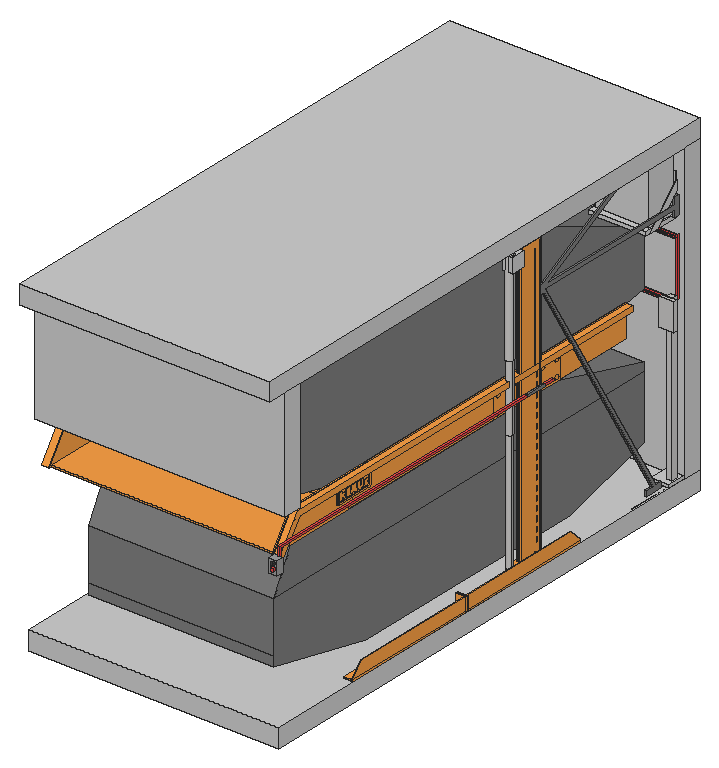
Revit family "CP612.6T (Family)", category Parking, Revit 2024
Family settings
  Work Plane-Based = No
  Always vertical = Yes
  Cut with Voids When Loaded = No
  Shared = No
Parameters (values of type "2500 x 2800")
  Website [instance] = "http://www.klausindia.com/"
  Upper Column Height = 1500 mm
  Total Height (H) = 3200 mm
  Platform Length 4755 [instance] = yes
  Platform Length 3755 [instance] = yes
  Parking Width (PW) = 2400 mm
  Model Height (DH) = 1600 mm
  Switch Arm [instance] = yes
  Hyd. Power Pack [instance] = yes
  Hyd Power Pack - RH [instance] = yes
  Hyd Power Pack - LH [instance] = yes
  Extension Foot Right Side [instance] = yes
  Extension Foot Left Side [instance] = yes
  Column Upper Bottom = 373.464 mm
  Column Support [instance] = yes
  Column Ht (A) = 3135 mm
  Civil [instance] = yes
  Check 2 [instance] = 2700 mm
  Check [instance] = 3000 mm
  Car [instance] = yes
Reference planes
  plane 1 "Center (Front/Back)": y = 0
  plane 2: z = 0
  plane 3 "Center (Left/Right)": x = 0
  plane 4: x = -1200
  plane 5: x = 1200
Forms (mm)
  Extrusion 1, solid, material "Concrete", visible <- "Civil"
    sketch origin (0, 0, 0) x (1, 0, 0) y (0, 1, 0)
      loop
        line (-1350, 2755.923) -> (-1350, -2931.077) -> (1350, -2931.077) -> (1350, 2755.923) -> (-1350, 2755.923)
    from -202 to 0
  Extrusion 2, solid, material "Parking Column", visible <- "Platform Length 4755"
    sketch origin (0, 0, 0) x (0, 1, 0) y (0, 0, 1)
      loop
        line (1937.923, 1575) -> (1937.923, 1600) -> (-2816.852, 1600) -> (-2816.852, 1575) -> (1937.923, 1575)
    from -1200 to 1200
  Extrusion 3, solid, material "Parking Column"
    sketch origin (-83.594, 420, 0) x (1, 0, 0) y (0, 1, 0)
      loop
        line (-1257, 722.923) -> (-1257, -808.077) -> (-1150, -808.077) -> (-1150, 722.923) -> (-1257, 722.923)
    from 0 to 14
  Extrusion 4, solid, material "Parking Column"
    sketch origin (-1340.594, -388.077, 0) x (0, 1, 0) y (0, 0, -1)
      loop
        line (1531, -14) -> (0, -14) -> (0, -152) -> (1416, -152) -> (1531, -37) -> (1531, -14)
    from -14 to 0
  Extrusion 5, solid, material "Parking Column"
    sketch origin (1345.75, -388.077, 0) x (0, -1, 0) y (0, 0, -1)
      loop
        line (0, -14) -> (-1531, -14) -> (-1531, -37) -> (-1416, -152) -> (0, -152) -> (0, -14)
    from -14 to 0
  Extrusion 6, solid, material "Parking Column", visible <- "Platform Length 4755"
    sketch origin (-1200, 0, 0) x (0, -1, 0) y (0, 0, 1)
      loop
        line (-1937.923, 1575) -> (2834.059, 1575) -> (2593.852, 1924) -> (2196.86, 1924) -> (-1937.923, 1924) -> (-1937.923, 1575)
    from 0 to 9.803
  Extrusion 7, solid, material "Parking Column", visible <- "Platform Length 4755"
    sketch origin (1200, 0, 0) x (0, 1, 0) y (0, 0, 1)
      loop
        line (1937.923, 1575) -> (1937.923, 1924) -> (-2593.852, 1924) -> (-2834.059, 1575) -> (1937.923, 1575)
    from 0 to 11
  Sweep 8, solid, material "Parking Column", visible <- "Platform Length 4755"
    path in 3D
      loop
        line (-1209.803, -2834.059, 1575) -> (-1209.803, -2593.852, 1924) -> (-1209.803, -2196.86, 1924) -> (-1209.803, 1937.923, 1924)
    profile origin (-1209.803, -129.469, 1924) x (-1, 0, 0) y (0, 0, 1)
      loop
        line (0, 0) -> (0, -10) -> (63, -10) -> (63, -25) -> (63, -60) -> (73, -60) -> (73, 0) -> (0, 0)
  Sweep 9, solid, material "Parking Column", visible <- "Platform Length 4755"
    path in 3D
      loop
        line (1211, 1937.923, 1924) -> (1211, -2593.852, 1924) -> (1211, -2834.059, 1575)
    profile origin (1211, -327.964, 1924) x (1, 0, 0) y (0, 0, 1)
      loop
        line (0, 0) -> (0, -10) -> (63, -10) -> (63, -20) -> (63, -60) -> (73, -60) -> (73, 0) -> (0, 0)
  Extrusion 10, solid, material "Parking Column"
    sketch origin (-83.594, 420, 0) x (1, 0, 0) y (0, 1, 0)
      loop
        line (-1243, -808.077) -> (-1150, -808.077) -> (-1150, -794.077) -> (-1243, -794.077) -> (-1243, -808.077)
    from 14 to 152
  Extrusion 11, solid, material "Parking Column"
    sketch origin (2074.75, 420, 0) x (1, 0, 0) y (0, 1, 0)
      loop
        line (-836, -808.077) -> (-729, -808.077) -> (-729, -794.077) -> (-836, -794.077) -> (-836, -808.077)
    from 10 to 152
  Extrusion 12, solid, material "Parking Column", visible <- "Extension Foot Left Side"
    sketch origin (-90.594, 420, 0) x (1, 0, 0) y (0, 1, 0)
      loop
        line (-1250, -808.077) -> (-1250, -2339.077) -> (-1150, -2339.077) -> (-1150, -808.077) -> (-1250, -808.077)
    from 0 to 14
  Extrusion 13, solid, material "Parking Column", visible <- "Extension Foot Right Side"
    sketch origin (2095.75, 420, 0) x (1, 0, 0) y (0, 1, 0)
      loop
        line (-850, -808.077) -> (-850, -2339.077) -> (-750, -2339.077) -> (-750, -808.077) -> (-850, -808.077)
    from 0 to 14
  Extrusion 14, solid, material "Parking Column", visible <- "Extension Foot Left Side"
    sketch origin (-83.594, 420, 0) x (1, 0, 0) y (0, 1, 0)
      loop
        line (-1150, -808.077) -> (-1243, -808.077) -> (-1243, -822.077) -> (-1150, -822.077) -> (-1150, -808.077)
    from 14 to 152
  Extrusion 15, solid, material "Parking Column", visible <- "Extension Foot Left Side"
    sketch origin (-1340.594, -1919.077, 0) x (0, 1, 0) y (0, 0, -1)
      loop
        line (1531, -14) -> (0, -14) -> (121, -152) -> (1531, -152) -> (1531, -14)
    from -14 to 0
  Extrusion 16, solid, material "Parking Column", visible <- "Extension Foot Right Side"
    sketch origin (2074.75, 420, 0) x (1, 0, 0) y (0, 1, 0)
      loop
        line (-729, -808.077) -> (-836, -808.077) -> (-836, -822.077) -> (-729, -822.077) -> (-729, -808.077)
    from 14 to 152
  Extrusion 17, solid, material "Parking Column", visible <- "Extension Foot Right Side"
    sketch origin (1345.75, -388.077, 0) x (0, -1, 0) y (0, 0, -1)
      loop
        line (14, -14) -> (14, -152) -> (1410, -152) -> (1531, -14) -> (14, -14)
    from -14 to 0
  Extrusion 18, solid, material "Parking Column"
    sketch origin (-1209.803, 838.278, 20) x (0, -1, 0) y (0, 0, 1)
      loop
        line (419.354, 1839) -> (419.354, 1565) -> (719.354, 1565) -> (719.354, 1575) -> (719.354, 1849) -> (419.354, 1849) -> (419.354, 1839)
      loop
        line (-186.906, 1839) -> (-186.906, 1565) -> (104.354, 1565) -> (104.354, 1575) -> (104.354, 1849) -> (-186.906, 1849) -> (-186.906, 1839)
    from 0 to 14.191
  Extrusion 19, solid, material "Parking Column"
    sketch origin (-1223.993, 838.278, 20) x (0, -1, 0) y (0, 0, 1)
      loop
        line (691.661, 1609.023) -> (685.684, 1631.33) -> (663.377, 1637.307) -> (647.047, 1620.977) -> (653.024, 1598.67) -> (675.332, 1592.693) -> (691.661, 1609.023)
      loop
        line (491.661, 1609.023) -> (485.684, 1631.33) -> (463.377, 1637.307) -> (447.047, 1620.977) -> (453.024, 1598.67) -> (475.332, 1592.693) -> (491.661, 1609.023)
      loop
        line (491.661, 1783.023) -> (485.684, 1805.33) -> (463.377, 1811.307) -> (447.047, 1794.977) -> (453.024, 1772.67) -> (475.332, 1766.693) -> (491.661, 1783.023)
      loop
        line (691.661, 1783.023) -> (685.684, 1805.33) -> (663.377, 1811.307) -> (647.047, 1794.977) -> (653.024, 1772.67) -> (675.332, 1766.693) -> (691.661, 1783.023)
      loop
        line (76.661, 1609.023) -> (70.684, 1631.33) -> (48.377, 1637.307) -> (32.047, 1620.977) -> (38.024, 1598.67) -> (60.332, 1592.693) -> (76.661, 1609.023)
      loop
        line (-123.339, 1609.023) -> (-129.316, 1631.33) -> (-151.623, 1637.307) -> (-167.953, 1620.977) -> (-161.976, 1598.67) -> (-139.668, 1592.693) -> (-123.339, 1609.023)
      loop
        line (-123.83, 1784.858) -> (-129.316, 1805.33) -> (-151.623, 1811.307) -> (-167.953, 1794.977) -> (-161.976, 1772.67) -> (-141.504, 1767.185) -> (-123.83, 1784.858)
      loop
        line (76.661, 1783.023) -> (70.684, 1805.33) -> (48.377, 1811.307) -> (32.047, 1794.977) -> (38.024, 1772.67) -> (60.332, 1766.693) -> (76.661, 1783.023)
    from 0 to 12.854
  Extrusion 20, solid, material "Steel Rod"
    sketch origin (745.625, 2545.544, 30) x (0, -1, 0) y (1, 0, 0)
      loop
        line (70, 548.82) -> (70, 518.82) -> (130, 518.82) -> (130, 578.82) -> (70, 578.82) -> (70, 548.82)
    from 0 to 1769.079
  Extrusion 21, solid, material "Steel Rod"
    sketch origin (1324.445, 2415.544, 30) x (-1, 0, 0) y (0, 0, -1)
      loop
        line (108.82, -1769.079) -> (108.82, -1469.079) -> (-51.232, -1469.079) -> (-51.232, -1769.079) -> (108.82, -1769.079)
    from 0 to 39.808
  Sweep 22, solid, material "Red Wire", visible <- "Switch Arm"
    path origin (1324.445, 2475.544, 30) x (0, -1, 0) y (0, 0, -1)
      loop
        line (1680, -1700) -> (5380, -1700) -> (5380, -1470)
    profile origin (1324.445, -1054.456, 1730) x (0, 0, -1) y (1, 0, 0)
      loop
        line (-10.607, 1.014) -> (9.393, 1.014) -> (9.393, 21.014) -> (-10.607, 21.014) -> (-10.607, 1.014)
  Extrusion 23, solid, material "Default", visible <- "Switch Arm"
    sketch origin (1325.46, -2915.062, 1783.107) x (0, 0, -1) y (1, 0, 0)
      loop
        line (283.107, -32.5) -> (283.107, 52.5) -> (133.107, 52.5) -> (133.107, -32.5) -> (283.107, -32.5)
    from 0 to 70.107
  Extrusion 24, solid, material "Parking Column", not visible
    sketch origin (42.5, 32.5, 0) x (1, 0, 0) y (0, 1, 0)
      loop
        line (1106.32, 2513.044) -> (906.32, 2513.044) -> (906.32, 2313.044) -> (1106.32, 2313.044) -> (1106.32, 2513.044)
    from 0 to 30
  Extrusion 25, solid, material "Steel Rod", not visible
    sketch origin (0, 0, 0) x (1, 0, 0) y (0, 1, 0)
      loop
        line (1048.82, 2475.544) -> (1018.82, 2475.544) -> (1018.82, 2415.544) -> (1078.82, 2415.544) -> (1078.82, 2475.544) -> (1048.82, 2475.544)
    from 30 to 1500
  Extrusion 26, solid, material "Steel Rod", not visible
    sketch origin (1078.82, 2415.544, 0) x (-1, 0, 0) y (0, 0, -1)
      loop
        line (108.82, -1500) -> (108.82, -1200) -> (-51.232, -1200) -> (-51.232, -1500) -> (108.82, -1500)
    from 0 to 39.808
  Sweep 27, solid, not visible
    path origin (1078.82, 2475.544, 0) x (0, -1, 0) y (0, 0, -1)
      loop
        line (30, -1500) -> (30, -1855) -> (5380, -1855) -> (5380, -1210)
    profile origin (1078.82, 2445.544, 1677.5) x (0, -1, 0) y (1, 0, 0)
      loop
        line (-10.607, -40.236) -> (9.393, -40.236) -> (9.393, -20.236) -> (-10.607, -20.236) -> (-10.607, -40.236)
  Extrusion 28, solid, material "Default", not visible
    sketch origin (1038.585, -2915.062, 1888.107) x (0, 0, -1) y (1, 0, 0)
      loop
        line (678.107, -90) -> (678.107, 110) -> (528.107, 110) -> (528.107, -90) -> (678.107, -90)
    from 0 to 43.931
  Extrusion 29, solid, material "Parking Column", not visible
    sketch origin (0, 0, 0) x (1, 0, 0) y (0, 1, 0)
      loop
        line (-1050, -808.077) -> (-1050, -2339.077) -> (-950, -2339.077) -> (-950, -808.077) -> (-1050, -808.077)
    from 0 to 14
  Extrusion 30, solid, material "Parking Column", not visible
    sketch origin (0, 0, 0) x (1, 0, 0) y (0, 1, 0)
      loop
        line (-950, -808.077) -> (-1036, -808.077) -> (-1036, -822.077) -> (-950, -822.077) -> (-950, -808.077)
    from 14 to 152
  Extrusion 31, solid, material "Parking Column", not visible
    sketch origin (-1050, -828.077, 0) x (0, 1, 0) y (0, 0, -1)
      loop
        line (20, -14) -> (-1511, -14) -> (-1390, -152) -> (20, -152) -> (20, -14)
    from -14 to 0
  Extrusion 32, solid, material "Parking Column", not visible
    sketch origin (1975, 0, 0) x (1, 0, 0) y (0, 1, 0)
      loop
        line (-1050, -808.077) -> (-1050, -2339.077) -> (-950, -2339.077) -> (-950, -808.077) -> (-1050, -808.077)
    from 0 to 14
  Extrusion 33, solid, material "Parking Column", not visible
    sketch origin (1961, 0, 0) x (1, 0, 0) y (0, 1, 0)
      loop
        line (-950, -808.077) -> (-1036, -808.077) -> (-1036, -822.077) -> (-950, -822.077) -> (-950, -808.077)
    from 14 to 152
  Extrusion 34, solid, material "Parking Column", not visible
    sketch origin (1025, -808.077, 0) x (0, -1, 0) y (0, 0, -1)
      loop
        line (14, -14) -> (14, -152) -> (1410, -152) -> (1531, -14) -> (14, -14)
    from -14 to 0
  Extrusion 35, solid, material "Parking Column"
    sketch origin (1211, 490, 0) x (0, 1, 0) y (0, 0, 1)
      loop
        line (-359.354, 1590) -> (-59.354, 1590) -> (-59.354, 1864) -> (-359.354, 1864) -> (-359.354, 1590)
      loop
        line (237.39, 1590) -> (528.651, 1590) -> (528.651, 1864) -> (237.39, 1864) -> (237.39, 1590)
    from 0 to 14
  Extrusion 36, solid, material "Parking Column"
    sketch origin (1225, 490, 0) x (0, 1, 0) y (0, 0, 1)
      loop
        line (-293.024, 1797.67) -> (-287.047, 1819.977) -> (-303.377, 1836.307) -> (-325.684, 1830.33) -> (-331.661, 1808.023) -> (-315.332, 1791.693) -> (-293.024, 1797.67)
      loop
        line (-87.047, 1808.023) -> (-93.024, 1830.33) -> (-115.332, 1836.307) -> (-131.661, 1819.977) -> (-125.684, 1797.67) -> (-103.377, 1791.693) -> (-87.047, 1808.023)
      loop
        line (-287.047, 1634.023) -> (-293.024, 1656.33) -> (-315.332, 1662.307) -> (-331.661, 1645.977) -> (-325.684, 1623.67) -> (-303.377, 1617.693) -> (-287.047, 1634.023)
      loop
        line (-89.354, 1628.453) -> (-89.354, 1651.547) -> (-109.354, 1663.094) -> (-129.354, 1651.547) -> (-129.354, 1628.453) -> (-109.354, 1616.906) -> (-89.354, 1628.453)
      loop
        line (309.698, 1808.023) -> (303.72, 1830.33) -> (281.413, 1836.307) -> (265.083, 1819.977) -> (271.061, 1797.67) -> (293.368, 1791.693) -> (309.698, 1808.023)
      loop
        line (500.958, 1808.023) -> (494.981, 1830.33) -> (472.673, 1836.307) -> (456.343, 1819.977) -> (462.321, 1797.67) -> (484.628, 1791.693) -> (500.958, 1808.023)
      loop
        line (500.958, 1634.023) -> (494.981, 1656.33) -> (472.673, 1662.307) -> (456.343, 1645.977) -> (462.321, 1623.67) -> (484.628, 1617.693) -> (500.958, 1634.023)
      loop
        line (309.698, 1634.023) -> (303.72, 1656.33) -> (281.413, 1662.307) -> (265.083, 1645.977) -> (271.061, 1623.67) -> (293.368, 1617.693) -> (309.698, 1634.023)
    from 0 to 14
  Extrusion 37, solid, material "Red", visible <- "Switch Arm"
    sketch origin (1325.46, -2985.169, 1783.107) x (0, 0, -1) y (1, 0, 0)
      loop
        circle (228.107, 10) r 20
    from 0 to 14
  Extrusion 38, solid, material "Black", visible <- "Switch Arm"
    sketch origin (1325.46, -2985.169, 1783.107) x (0, 0, -1) y (1, 0, 0)
      loop
        circle (173.107, 10) r 15
    from 0 to 14
  Extrusion 39, solid, material "Concrete", visible <- "Civil"
    sketch origin (0, 0, 0) x (1, 0, 0) y (0, 1, 0)
      loop
        line (-1350, 2755.923) -> (-1350, 2553.923) -> (1350, 2553.923) -> (1350, 2755.923) -> (-1350, 2755.923)
    from 0 to 3200 <- "Total Height (H)"
  Extrusion 40, solid, material "Concrete", visible <- "Civil"
    sketch origin (0, 0, 3200) x (1, 0, 0) y (0, 1, 0)
      loop
        line (-1350, 2755.923) -> (-1350, -3047.79) -> (1350, -3047.79) -> (1350, 2755.923) -> (-1350, 2755.923)
    from 0 to 202
  Sweep 41, solid, material "Grey Car", visible <- "Car"
    path origin (0, 0, 0) x (1, 0, 0) y (0, 1, 0)
      loop
        line (987.5, 22.923) -> (-1012.5, 22.923)
    profile origin (-12.5, 22.923, 0) x (0, -1, 0) y (0, 0, 1)
      loop
        line (-2431, 267.949) -> (-1431, 0) -> (1319, 0) -> (2569, 288.585) -> (2569, 950) -> (-2431, 950) -> (-2431, 267.949)
  Sweep 42, solid, material "Grey Car", visible <- "Car"
    path origin (0, -2363.791, 1600) x (0, 1, 0) y (-1, 0, 0)
      loop
        line (2363.791, 1012.5) -> (2363.791, -987.5)
    profile origin (-12.5, 0, 1600) x (0, 1, 0) y (0, 0, 1)
      loop
        line (-1296.077, 0) -> (1503.923, 0) -> (2453.923, 160) -> (2453.923, 760) -> (753.923, 1500) -> (-1546.077, 1500) -> (-2146.077, 1400) -> (-2546.077, 920) -> (-2546.077, 900) -> (-2546.077, 288.585) -> (-1296.077, 0)
  Sweep 43, solid, material "Grey Car", visible <- "Car"
    path origin (0, -2363.791, 1600) x (0, 1, 0) y (-1, 0, 0)
      loop
        line (2363.791, 1012.5) -> (2363.791, -987.5)
    profile origin (-12.5, 0, 1600) x (0, 1, 0) y (0, 0, 1)
      loop
        line (2453.923, -1200) -> (2453.923, -550) -> (853.923, -100) -> (-2246.077, -100) -> (-2546.077, -650) -> (-2546.077, -1200) -> (2453.923, -1200)
  Extrusion 44, solid, material "Parking Column", not visible
    sketch origin (0, 0, 0) x (1, 0, 0) y (0, 1, 0)
      loop
        line (-1200, 443.923) -> (-1286, 443.923) -> (-1286, 264.923) -> (-1200, 264.923) -> (-1200, 443.923)
      loop
        line (1261, 443.923) -> (1175, 443.923) -> (1175, 264.923) -> (1261, 264.923) -> (1261, 443.923)
    from 14 to 98
  Extrusion 45, solid, material "Steel Rod", not visible
    sketch origin (0, 0, 0) x (1, 0, 0) y (0, 1, 0)
      loop
        circle (-1243.066, 398.39) r 43
    from 2124 to 3135 <- "Column Ht (A)"
  Extrusion 46, solid, material "Steel Rod", not visible
    sketch origin (1961, 0, 0) x (1, 0, 0) y (0, 1, 0)
      loop
        circle (-743.066, 398.39) r 43
    from 2124 to 3135 <- "Column Ht (A)"
  Extrusion 47, solid, material "Parking Column", not visible
    sketch origin (0, 0, 0) x (1, 0, 0) y (0, 1, 0)
      loop
        line (-1286, 264.923) -> (-1286, 62.923) -> (-1220, 62.923) -> (-1220, 42.923) -> (-1200, 42.923) -> (-1200, 62.923) -> (-1200, 264.923) -> (-1200, 284.923) -> (-1220, 284.923) -> (-1220, 264.923) -> (-1286, 264.923)
      loop
        line (1261, 264.923) -> (1195, 264.923) -> (1195, 284.923) -> (1175, 284.923) -> (1175, 264.923) -> (1175, 62.923) -> (1175, 42.923) -> (1195, 42.923) -> (1195, 62.923) -> (1261, 62.923) -> (1261, 264.923)
    from 14 to 3600
  Extrusion 48, solid, material "Steel Rod", not visible
    sketch origin (0, 0, 0) x (1, 0, 0) y (0, 1, 0)
      loop
        circle (-1243.066, 398.39) r 35.5
    from 1399 to 2124
  Extrusion 49, solid, material "Steel Rod", not visible
    sketch origin (1961, 0, 0) x (1, 0, 0) y (0, 1, 0)
      loop
        circle (-743.066, 398.39) r 35.5
    from 1399 to 2124
  Extrusion 50, solid, material "Steel Rod", not visible
    sketch origin (0, 0, 0) x (1, 0, 0) y (0, 1, 0)
      loop
        circle (-1243.066, 398.39) r 28
    from 98 to 1399
  Extrusion 51, solid, material "Steel Rod", not visible
    sketch origin (1961, 0, 0) x (1, 0, 0) y (0, 1, 0)
      loop
        circle (-743.066, 398.39) r 28
    from 98 to 1399
  Extrusion 52, solid, material "Parking Column", not visible
    sketch origin (-1250, 0, 0) x (0, -1, 0) y (0, 0, 1)
      loop
        line (433.354, 2364) -> (433.354, 2090) -> (733.354, 2090) -> (733.354, 2100) -> (733.354, 2374) -> (433.354, 2374) -> (433.354, 2364)
      loop
        line (-82.906, 2364) -> (-82.906, 2090) -> (208.354, 2090) -> (208.354, 2100) -> (208.354, 2374) -> (-82.906, 2374) -> (-82.906, 2364)
    from 0 to 14.191
  Extrusion 53, solid, material "Parking Column", not visible
    sketch origin (-1264.191, 0, 0) x (0, -1, 0) y (0, 0, 1)
      loop
        line (705.661, 2134.023) -> (699.684, 2156.33) -> (677.377, 2162.307) -> (661.047, 2145.977) -> (667.024, 2123.67) -> (689.332, 2117.693) -> (705.661, 2134.023)
      loop
        line (505.661, 2134.023) -> (499.684, 2156.33) -> (477.377, 2162.307) -> (461.047, 2145.977) -> (467.024, 2123.67) -> (489.332, 2117.693) -> (505.661, 2134.023)
      loop
        line (505.661, 2308.023) -> (499.684, 2330.33) -> (477.377, 2336.307) -> (461.047, 2319.977) -> (467.024, 2297.67) -> (489.332, 2291.693) -> (505.661, 2308.023)
      loop
        line (705.661, 2308.023) -> (699.684, 2330.33) -> (677.377, 2336.307) -> (661.047, 2319.977) -> (667.024, 2297.67) -> (689.332, 2291.693) -> (705.661, 2308.023)
      loop
        line (180.661, 2134.023) -> (174.684, 2156.33) -> (152.377, 2162.307) -> (136.047, 2145.977) -> (142.024, 2123.67) -> (164.332, 2117.693) -> (180.661, 2134.023)
      loop
        line (-19.339, 2134.023) -> (-25.316, 2156.33) -> (-47.623, 2162.307) -> (-63.953, 2145.977) -> (-57.976, 2123.67) -> (-35.668, 2117.693) -> (-19.339, 2134.023)
      loop
        line (-19.339, 2308.023) -> (-25.316, 2330.33) -> (-47.623, 2336.307) -> (-63.953, 2319.977) -> (-57.976, 2297.67) -> (-35.668, 2291.693) -> (-19.339, 2308.023)
      loop
        line (180.661, 2308.023) -> (174.684, 2330.33) -> (152.377, 2336.307) -> (136.047, 2319.977) -> (142.024, 2297.67) -> (164.332, 2291.693) -> (180.661, 2308.023)
    from 0 to 12.854
  Extrusion 54, solid, material "Parking Column", not visible
    sketch origin (1250, 0, 0) x (0, 1, 0) y (0, 0, 1)
      loop
        line (-733.354, 2090) -> (-433.354, 2090) -> (-433.354, 2364) -> (-733.354, 2364) -> (-733.354, 2090)
      loop
        line (-208.354, 2090) -> (82.906, 2090) -> (82.906, 2364) -> (-208.354, 2364) -> (-208.354, 2090)
    from 0 to 14
  Extrusion 55, solid, material "Parking Column", not visible
    sketch origin (1264, 0, 0) x (0, 1, 0) y (0, 0, 1)
      loop
        line (-667.024, 2297.67) -> (-661.047, 2319.977) -> (-677.377, 2336.307) -> (-699.684, 2330.33) -> (-705.661, 2308.023) -> (-689.332, 2291.693) -> (-667.024, 2297.67)
      loop
        line (-461.047, 2308.023) -> (-467.024, 2330.33) -> (-489.332, 2336.307) -> (-505.661, 2319.977) -> (-499.684, 2297.67) -> (-477.377, 2291.693) -> (-461.047, 2308.023)
      loop
        line (-661.047, 2134.023) -> (-667.024, 2156.33) -> (-689.332, 2162.307) -> (-705.661, 2145.977) -> (-699.684, 2123.67) -> (-677.377, 2117.693) -> (-661.047, 2134.023)
      loop
        line (-463.354, 2128.453) -> (-463.354, 2151.547) -> (-483.354, 2163.094) -> (-503.354, 2151.547) -> (-503.354, 2128.453) -> (-483.354, 2116.906) -> (-463.354, 2128.453)
      loop
        line (-136.047, 2308.023) -> (-142.024, 2330.33) -> (-164.332, 2336.307) -> (-180.661, 2319.977) -> (-174.684, 2297.67) -> (-152.377, 2291.693) -> (-136.047, 2308.023)
      loop
        line (55.213, 2308.023) -> (49.236, 2330.33) -> (26.929, 2336.307) -> (10.599, 2319.977) -> (16.576, 2297.67) -> (38.883, 2291.693) -> (55.213, 2308.023)
      loop
        line (55.213, 2134.023) -> (49.236, 2156.33) -> (26.929, 2162.307) -> (10.599, 2145.977) -> (16.576, 2123.67) -> (38.883, 2117.693) -> (55.213, 2134.023)
      loop
        line (-136.047, 2134.023) -> (-142.024, 2156.33) -> (-164.332, 2162.307) -> (-180.661, 2145.977) -> (-174.684, 2123.67) -> (-152.377, 2117.693) -> (-136.047, 2134.023)
    from 0 to 14
  Extrusion 56, solid, material "Parking Column", not visible
    sketch origin (0, 0, 3600) x (1, 0, 0) y (0, 1, 0)
      loop
        line (-1228, 275.923) -> (-1228, 295.923) -> (-1193, 295.923) -> (-1193, 32.923) -> (-1208, 32.923) -> (-1228, 32.923) -> (-1228, 52.923) -> (-1238, 52.923) -> (-1238, 22.923) -> (-1183, 22.923) -> (-1183, 305.923) -> (-1238, 305.923) -> (-1238, 275.923) -> (-1228, 275.923)
      loop
        line (1203, 295.923) -> (1203, 275.923) -> (1213, 275.923) -> (1213, 305.923) -> (1158, 305.923) -> (1158, 22.923) -> (1213, 22.923) -> (1213, 52.923) -> (1203, 52.923) -> (1203, 32.923) -> (1183, 32.923) -> (1168, 32.923) -> (1168, 295.923) -> (1203, 295.923)
    from -1302.536 to 0
  Extrusion 57, solid, material "Concrete", not visible
    sketch origin (0, 0, 3600) x (1, 0, 0) y (0, 1, 0)
      loop
        line (-1183, 284.923) -> (-1183, 443.923) -> (-1286, 443.923) -> (-1286, 284.923) -> (-1183, 284.923)
      loop
        line (1158, 443.923) -> (1158, 284.923) -> (1263.125, 284.923) -> (1263.125, 443.923) -> (1158, 443.923)
    from 0 to -152
  Extrusion 58, solid, material "Parking Column", visible <- "Platform Length 4755"
    sketch origin (-1209.803, 0, 0) x (0, -1, 0) y (0, 0, 1)
      loop
        line (1550.518, 1775.091) -> (1550.891, 1694.901) -> (1581.838, 1694.901) -> (1581.838, 1749.362) -> (1610.196, 1694.901) -> (1647.845, 1694.901) -> (1615.034, 1733.678) -> (1633.266, 1775.091) -> (1610.279, 1775.091) -> (1581.838, 1754.209) -> (1581.838, 1775.091) -> (1550.518, 1775.091)
      loop
        line (1656.483, 1694.723) -> (1698.726, 1694.723) -> (1700.799, 1707.581) -> (1687.374, 1707.96) -> (1690.986, 1775.091) -> (1653.096, 1775.091) -> (1656.483, 1694.723)
      loop
        line (1708.267, 1694.723) -> (1723.446, 1694.723) -> (1730.27, 1707.96) -> (1755.629, 1707.96) -> (1761.099, 1694.723) -> (1788.911, 1694.723) -> (1776.188, 1775.091) -> (1723.923, 1775.091) -> (1708.267, 1694.723)
      loop
        line (1743.695, 1732.563) -> (1734.43, 1717.517) -> (1751.761, 1717.517) -> (1743.695, 1732.563)
      loop
        line (1798.613, 1775.091) -> (1799.603, 1764.85) -> (1801.506, 1728.557) -> (1805.337, 1716.802) -> (1813.653, 1703.796) -> (1825.229, 1695.858) -> (1834.036, 1695.185) -> (1841.873, 1696.72) -> (1851.346, 1702.356) -> (1860.82, 1713.932) -> (1873.655, 1775.091) -> (1855.458, 1775.091) -> (1853.342, 1767.818) -> (1851.499, 1736.647) -> (1849.905, 1731.469) -> (1848.537, 1727.18) -> (1847.372, 1723.672) -> (1846.386, 1720.84) -> (1845.557, 1718.576) -> (1844.859, 1716.775) -> (1844.272, 1715.341) -> (1843.782, 1714.218) -> (1843.404, 1713.425)
        arc (1843.404, 1713.425) -> (1838.167, 1709.522) -> (1832.93, 1713.425) r 5.465
        line (1832.93, 1713.425) -> (1832.453, 1716.529) -> (1830.979, 1775.091) -> (1798.613, 1775.091)
      loop
        line (1937.938, 1775.091) -> (1899.553, 1775.091)
        arc (1899.553, 1775.091) -> (1877.963, 1758.163) -> (1889.251, 1733.159) r 22.231
        line (1889.251, 1733.159) -> (1900.294, 1711.825)
        arc (1900.294, 1711.825) -> (1900.196, 1708.985) -> (1897.718, 1707.592) r 2.9
        line (1897.718, 1707.592) -> (1876.067, 1707.592) -> (1876.453, 1697.141) -> (1876.543, 1694.723) -> (1912.955, 1694.723)
        arc (1912.955, 1694.723) -> (1928.923, 1703.823) -> (1929.232, 1722.2) r 18.559
        line (1929.232, 1722.2) -> (1921.821, 1735.725)
        arc (1921.821, 1735.725) -> (1909.663, 1751.537) -> (1924.364, 1765.018) r 14.757
        line (1924.364, 1765.018) -> (1937.244, 1765.018) -> (1937.938, 1775.091)
      loop
        line (1944.683, 1798.632) -> (1551.994, 1798.632)
        arc (1551.994, 1798.632) -> (1538.87, 1793.196) -> (1533.434, 1780.072) r 18.559
        line (1533.434, 1780.072) -> (1533.434, 1690.582)
        arc (1533.434, 1690.582) -> (1538.87, 1677.458) -> (1551.994, 1672.022) r 18.559
        line (1551.994, 1672.022) -> (1944.683, 1672.022)
        arc (1944.683, 1672.022) -> (1957.806, 1677.458) -> (1963.242, 1690.582) r 18.559
        line (1963.242, 1690.582) -> (1963.242, 1780.072)
        arc (1963.242, 1780.072) -> (1957.806, 1793.196) -> (1944.683, 1798.632) r 18.559
      loop
        arc (1551.994, 1808.632) -> (1531.799, 1800.267) -> (1523.434, 1780.072) r 28.559
        line (1523.434, 1780.072) -> (1523.434, 1690.582)
        arc (1523.434, 1690.582) -> (1531.799, 1670.387) -> (1551.994, 1662.022) r 28.559
        line (1551.994, 1662.022) -> (1944.683, 1662.022)
        arc (1944.683, 1662.022) -> (1964.878, 1670.387) -> (1973.242, 1690.582) r 28.559
        line (1973.242, 1690.582) -> (1973.242, 1780.072)
        arc (1973.242, 1780.072) -> (1964.878, 1800.267) -> (1944.683, 1808.632) r 28.559
        line (1944.683, 1808.632) -> (1551.994, 1808.632)
    from 0 to 20
  Extrusion 59, solid, material "Parking Column", visible <- "Platform Length 4755"
    sketch origin (1211, 0, 37.5) x (0, 1, 0) y (0, 0, 1)
      loop
        line (-1566.563, 1786.135) -> (-1959.252, 1786.135)
        arc (-1959.252, 1786.135) -> (-1972.376, 1780.699) -> (-1977.811, 1767.575) r 18.559
        line (-1977.811, 1767.575) -> (-1977.811, 1678.084)
        arc (-1977.811, 1678.084) -> (-1972.376, 1664.961) -> (-1959.252, 1659.525) r 18.559
        line (-1959.252, 1659.525) -> (-1566.563, 1659.525)
        arc (-1566.563, 1659.525) -> (-1553.439, 1664.961) -> (-1548.003, 1678.084) r 18.559
        line (-1548.003, 1678.084) -> (-1548.003, 1767.575)
        arc (-1548.003, 1767.575) -> (-1553.439, 1780.699) -> (-1566.563, 1786.135) r 18.559
      loop
        line (-1960.728, 1762.593) -> (-1960.355, 1682.404) -> (-1929.408, 1682.404) -> (-1929.408, 1736.865) -> (-1901.049, 1682.404) -> (-1863.401, 1682.404) -> (-1896.211, 1721.18) -> (-1877.98, 1737.593) -> (-1900.967, 1737.593) -> (-1929.408, 1741.712) -> (-1929.408, 1762.593) -> (-1960.728, 1762.593)
      loop
        line (-1854.762, 1682.225) -> (-1812.519, 1682.225) -> (-1810.447, 1695.084) -> (-1823.871, 1695.463) -> (-1820.26, 1762.593) -> (-1858.149, 1762.593) -> (-1854.762, 1682.225)
      loop
        line (-1802.979, 1682.225) -> (-1787.799, 1682.225) -> (-1780.976, 1695.463) -> (-1755.616, 1695.463) -> (-1750.146, 1682.225) -> (-1722.335, 1682.225) -> (-1735.058, 1762.593) -> (-1787.322, 1762.593) -> (-1802.979, 1682.225)
      loop
        line (-1767.551, 1720.066) -> (-1776.816, 1705.02) -> (-1759.485, 1705.02) -> (-1767.551, 1720.066)
      loop
        line (-1712.633, 1762.593) -> (-1711.643, 1727.352) -> (-1709.74, 1716.06) -> (-1705.908, 1704.305) -> (-1697.593, 1691.299) -> (-1686.017, 1683.361) -> (-1677.209, 1682.688) -> (-1669.373, 1684.223) -> (-1659.899, 1689.859) -> (-1650.426, 1701.435) -> (-1637.59, 1762.593) -> (-1655.788, 1762.593) -> (-1657.904, 1730.321) -> (-1659.747, 1724.149) -> (-1661.341, 1718.972) -> (-1662.708, 1714.683) -> (-1663.873, 1711.175) -> (-1664.859, 1708.342) -> (-1665.689, 1706.079) -> (-1666.387, 1704.278) -> (-1666.973, 1702.844) -> (-1667.464, 1701.721) -> (-1667.842, 1700.928)
        arc (-1667.842, 1700.928) -> (-1673.078, 1697.091) -> (-1678.315, 1700.928) r 5.492
        line (-1678.315, 1700.928) -> (-1678.793, 1704.032) -> (-1680.267, 1762.593) -> (-1712.633, 1762.593)
      loop
        line (-1573.308, 1737.593) -> (-1611.693, 1737.593)
        arc (-1611.693, 1737.593) -> (-1621.603, 1732.023) -> (-1621.995, 1720.661) r 11.6
        line (-1621.995, 1720.661) -> (-1610.952, 1699.328)
        arc (-1610.952, 1699.328) -> (-1611.05, 1696.487) -> (-1613.527, 1695.095) r 2.9
        line (-1613.527, 1695.095) -> (-1635.179, 1695.095) -> (-1634.793, 1684.644) -> (-1634.703, 1682.225) -> (-1598.291, 1682.225)
        arc (-1598.291, 1682.225) -> (-1582.322, 1691.326) -> (-1582.014, 1709.703) r 18.559
        line (-1582.014, 1709.703) -> (-1589.424, 1723.227)
        arc (-1589.424, 1723.227) -> (-1589.376, 1726.099) -> (-1586.881, 1727.521) r 2.9
        line (-1586.881, 1727.521) -> (-1574.002, 1727.521) -> (-1573.308, 1737.593)
      loop
        arc (-1959.252, 1796.135) -> (-1979.447, 1787.77) -> (-1987.811, 1767.575) r 28.559
        line (-1987.811, 1767.575) -> (-1987.811, 1678.084)
        arc (-1987.811, 1678.084) -> (-1979.447, 1657.89) -> (-1959.252, 1649.525) r 28.559
        line (-1959.252, 1649.525) -> (-1566.563, 1649.525)
        arc (-1566.563, 1649.525) -> (-1546.368, 1657.89) -> (-1538.003, 1678.084) r 28.559
        line (-1538.003, 1678.084) -> (-1538.003, 1767.575)
        arc (-1538.003, 1767.575) -> (-1546.368, 1787.77) -> (-1566.563, 1796.135) r 28.559
        line (-1566.563, 1796.135) -> (-1959.252, 1796.135)
    from 0 to 20
  Extrusion 60, solid, material "Concrete", visible <- "Civil"
    sketch origin (0, 199.714, 3200) x (0, 1, 0) y (1, 0, 0)
      loop
        line (-3047.79, -1350) -> (-2845.79, -1350) -> (-2845.79, 1350) -> (-3047.79, 1350) -> (-3047.79, -1350)
    from 0 to 1200
  Extrusion 61, solid, material "Concrete"
    sketch origin (1350, 2755.923, 0) x (0, -1, 0) y (0, 0, -1)
      loop
        line (410.379, -30) -> (410.379, 0) -> (210.379, 0) -> (210.379, -30) -> (410.379, -30)
    from 0 to -200
  Extrusion 62, solid, material "Parking Column"
    sketch origin (2486.25, 420, 0) x (1, 0, 0) y (0, 1, 0)
      loop
        line (-1250, 722.923) -> (-1250, -808.077) -> (-1140.5, -808.077) -> (-1140.5, 722.923) -> (-1250, 722.923)
    from 0 to 14
  Extrusion 63, solid, material "Concrete"
    sketch origin (-1350, 2553.923, -29.843) x (1, 0, 0) y (0, 0, 1)
      loop
        line (1990, 2979.843) -> (1990, 2569.843) -> (2065, 2569.843) -> (2065, 2979.843) -> (1990, 2979.843)
      loop
        line (2611, 2979.843) -> (2536, 2979.843) -> (2536, 2569.843) -> (2611, 2569.843) -> (2611, 2979.843)
    from 0 to 8
  Extrusion 64, solid, material "Concrete"
    sketch origin (-1350, 2545.923, -29.843) x (1, 0, 0) y (0, 0, 1)
      loop
        line (1990, 2529.843) -> (2611, 2529.843) -> (2611, 2569.843) -> (1990, 2569.843) -> (1990, 2529.843)
    from 0 to 404
  Extrusion 65, solid, material "Concrete"
    sketch origin (640, 2545.923, 2540) x (0, 0, -1) y (0, -1, 0)
      loop
        line (40, 248) -> (40, 354) -> (-322, -8) -> (-216, -8) -> (40, 248)
    from 0 to 8
  Extrusion 66, solid, material "Concrete"
    sketch origin (1261, 2545.923, 2500) x (0, 0, 1) y (0, -1, 0)
      loop
        line (0, 354) -> (0, 248) -> (256, -8) -> (362, -8) -> (0, 354)
    from 0 to 8
  Extrusion 67, solid, material "Concrete", visible <- "Hyd. Power Pack"
    sketch origin (1261, 2545.923, 2540) x (-1, 0, 0) y (0, -1, 0)
      loop
        line (598, 13) -> (598, 335) -> (18, 335) -> (18, 13) -> (598, 13)
    from 0 to 584
  Extrusion 68, solid, material "Red Wire", visible <- "Hyd Power Pack - LH"
    sketch origin (-1350, 2553.923, 0) x (1, 0, 0) y (0, 0, 1)
      loop
        line (2605, 1665) -> (2605, 1680) -> (0, 1680) -> (0, 1665) -> (2605, 1665)
      loop
        line (2605, 1700) -> (2605, 1715) -> (0, 1715) -> (0, 1700) -> (2605, 1700)
    from 0 to 15
  Extrusion 69, solid, material "Red Wire", visible <- "Hyd Power Pack - RH"
    sketch origin (-1350, 2553.923, 0) x (1, 0, 0) y (0, 0, 1)
      loop
        line (2300.5, 2500) -> (2300.5, 2300) -> (2620.5, 2300) -> (2620.5, 1715) -> (2635.5, 1715) -> (2635.5, 2345) -> (2370.5, 2345) -> (2370.5, 2500) -> (2355.5, 2500) -> (2355.5, 2330) -> (2620.5, 2330) -> (2620.5, 2315) -> (2315.5, 2315) -> (2315.5, 2500) -> (2300.5, 2500)
    from 0 to 15
  Extrusion 70, solid, material "Concrete"
    sketch origin (0, 0, 0) x (1, 0, 0) y (0, 1, 0)
      loop
        line (1286.002, 2327.499) -> (1286.002, 1874.443) -> (1324.906, 1874.443) -> (1324.906, 2327.499) -> (1286.002, 2327.499)
    from -22.802 to -3.318
  Extrusion 71, solid, material "Air"
    sketch origin (1324.906, 2747.499, 0) x (0, -1, 0) y (0, 0, -1)
      loop
        line (633.576, 0) -> (433.576, 0) -> (433.576, -53.318) -> (507.211, -53.318) -> (2002.761, -2610.618) -> (248.576, -2610.618) -> (248.576, -2530.618) -> (193.576, -2530.618) -> (193.576, -2730.618) -> (248.576, -2730.618) -> (248.576, -2650.618) -> (1978.994, -2650.618) -> (1031.677, -3141.682) -> (925.576, -3141.682) -> (925.576, -3196.682) -> (1125.576, -3196.682) -> (1125.576, -3141.682) -> (1118.593, -3141.682) -> (2019.733, -2674.555) -> (2068.576, -2674.555) -> (2068.576, -2586.682) -> (2025.03, -2586.682) -> (547.211, -53.318) -> (633.576, -53.318) -> (633.576, 0)
    from -55 to -36
  Extrusion 72, solid, material "Concrete"
    sketch origin (0, 0, 0) x (-1, 0, 0) y (0, -1, 0)
      loop
        line (1286.002, -2327.499) -> (1324.906, -2327.499) -> (1324.906, -1874.443) -> (1286.002, -1874.443) -> (1286.002, -2327.499)
    from -19 to -1.682
  Extrusion 73, solid, material "Air"
    sketch origin (-1324.906, 2747.499, 0) x (0, -1, 0) y (0, 0, 1)
      loop
        line (633.576, -1.682) -> (633.576, 53.318) -> (547.211, 53.318) -> (2025.03, 2588.318) -> (2068.576, 2588.318) -> (2068.576, 2676.192) -> (2019.733, 2676.192) -> (1118.593, 3143.318) -> (1125.576, 3143.318) -> (1125.576, 3198.318) -> (925.576, 3198.318) -> (925.576, 3143.318) -> (1031.677, 3143.318) -> (1978.994, 2652.255) -> (248.576, 2652.255) -> (248.576, 2732.255) -> (193.576, 2732.255) -> (193.576, 2532.255) -> (248.576, 2532.255) -> (248.576, 2612.255) -> (2002.761, 2612.255) -> (507.211, 53.318) -> (433.576, 53.318) -> (433.576, -1.682) -> (633.576, -1.682)
    from -55 to -36
  Extrusion 74, solid, material "Parking Column", visible <- "Platform Length 3755"
    sketch origin (0, 0, 0) x (0, 1, 0) y (0, 0, 1)
      loop
        line (1937.923, 1575) -> (1937.923, 1600) -> (-1817.077, 1600) -> (-1817.077, 1575) -> (1937.923, 1575)
    from -1000 to 1000
  Extrusion 75, solid, material "Parking Column"
    sketch origin (1200, 0, 0) x (0, 1, 0) y (0, 0, 1)
      loop
        line (1937.923, 1575) -> (1937.923, 1924) -> (-1576.87, 1924) -> (-1817.077, 1575) -> (1937.923, 1575)
    from 0 to 11
  Extrusion 76, solid, material "Parking Column", visible <- "Platform Length 3755"
    sketch origin (1200, 0, 0) x (0, 1, 0) y (0, 0, 1)
      loop
        line (1937.923, 1575) -> (1937.923, 1924) -> (-1576.87, 1924) -> (-1817.077, 1575) -> (1937.923, 1575)
    from 0 to 11
  Extrusion 77, solid, material "Parking Column", visible <- "Platform Length 3755"
    sketch origin (-1200, 0, 0) x (0, -1, 0) y (0, 0, 1)
      loop
        line (-1937.923, 1575) -> (1817.077, 1575) -> (1576.87, 1924) -> (-1937.923, 1924) -> (-1937.923, 1575)
    from 0 to 9.803
  Sweep 78, solid, material "Grey Car"
    path origin (1325.46, 795.544, 1740.607) x (0, -1, 0) y (1, 0, 0)
      loop
        line (127.129, 6.291) -> (357.129, 6.291)
    profile origin (1331.75, 553.415, 1740.607) x (1, 0, 0) y (0, 0, 1)
      loop
        line (-6.844, 0) -> (13.893, 0) -> (13.893, -20) -> (-6.844, -20) -> (-6.844, -22) -> (15.893, -22) -> (15.893, 2) -> (-6.844, 2) -> (-6.844, 0)
  Extrusion 79, solid, material "Parking Column"
    sketch origin (95, 744.75, 0) x (1, 0, 0) y (0, 1, 0)
      loop
        line (1211, -443.923) -> (1211, -264.923) -> (1125, -264.923) -> (1125, -443.923) -> (1211, -443.923)
    from 14 to 98
  Extrusion 80, solid, material "Steel Rod"
    sketch origin (2056, 697.25, 0) x (1, 0, 0) y (0, 1, 0)
      loop
        circle (-793.066, -398.39) r 43
    from 2124 to 3135 <- "Column Ht (A)"
  Extrusion 81, solid, material "Steel Rod"
    sketch origin (2056, 697.25, 0) x (1, 0, 0) y (0, 1, 0)
      loop
        circle (-793.066, -398.39) r 35.5
    from 1399 to 2124
  Extrusion 82, solid, material "Steel Rod"
    sketch origin (2056, 697.25, 0) x (1, 0, 0) y (0, 1, 0)
      loop
        circle (-793.066, -398.39) r 28
    from 98 to 1399
  Extrusion 83, solid, material "Concrete"
    sketch origin (0, 706.25, 3135) x (1, 0, 0) y (0, 1, 0)
      loop
        line (1221.906, -447.923) -> (1327.031, -447.923) -> (1327.031, -288.923) -> (1221.906, -288.923) -> (1221.906, -447.923)
    from 0 to -152
  Extrusion 84, solid, material "Parking Column"
    sketch origin (0, 356.533, 0) x (1, 0, 0) y (0, 1, 0)
      loop
        arc (-1273.392, 332.39) -> (-1280.463, 329.462) -> (-1283.392, 322.39) r 10
        line (-1283.392, 322.39) -> (-1278.392, 322.39)
        arc (-1278.392, 322.39) -> (-1276.927, 325.926) -> (-1273.392, 327.39) r 5
        line (-1273.392, 327.39) -> (-1243.392, 327.39)
        arc (-1243.392, 327.39) -> (-1239.856, 325.926) -> (-1238.392, 322.39) r 5
        line (-1238.392, 322.39) -> (-1238.392, 298.39) -> (-1233.392, 298.39) -> (-1233.392, 322.39)
        arc (-1233.392, 322.39) -> (-1236.321, 329.462) -> (-1243.392, 332.39) r 10
        line (-1243.392, 332.39) -> (-1273.392, 332.39)
      loop
        arc (-1283.392, 82.39) -> (-1280.463, 75.319) -> (-1273.392, 72.39) r 10
        line (-1273.392, 72.39) -> (-1243.392, 72.39)
        arc (-1243.392, 72.39) -> (-1236.321, 75.319) -> (-1233.392, 82.39) r 10
        line (-1233.392, 82.39) -> (-1233.392, 106.39) -> (-1238.392, 106.39) -> (-1238.392, 82.39)
        arc (-1238.392, 82.39) -> (-1239.856, 78.855) -> (-1243.392, 77.39) r 5
        line (-1243.392, 77.39) -> (-1273.392, 77.39)
        arc (-1273.392, 77.39) -> (-1276.927, 78.855) -> (-1278.392, 82.39) r 5
        line (-1278.392, 82.39) -> (-1283.392, 82.39)
      loop
        line (-1265.892, 123.39) -> (-1265.892, 87.39) -> (-1260.892, 87.39) -> (-1260.892, 114.73)
        arc (-1260.892, 114.73) -> (-1264.552, 118.39) -> (-1265.892, 123.39) r 10
      loop
        line (-1265.892, 317.39) -> (-1265.892, 315.39) -> (-1265.892, 292.39) -> (-1265.892, 281.39)
        arc (-1265.892, 281.39) -> (-1264.552, 286.39) -> (-1260.892, 290.051) r 10
        line (-1260.892, 290.051) -> (-1260.892, 315.39) -> (-1260.892, 317.39) -> (-1265.892, 317.39)
    from 0 to 3135
  Extrusion 85, solid, material "Parking Column"
    sketch origin (0, 356.533, 0) x (1, 0, 0) y (0, 1, 0)
      loop
        arc (-1255.892, 291.39) -> (-1262.963, 288.462) -> (-1265.892, 281.39) r 10
        line (-1265.892, 281.39) -> (-1265.892, 123.39)
        arc (-1265.892, 123.39) -> (-1262.963, 116.319) -> (-1255.892, 113.39) r 10
        line (-1255.892, 113.39) -> (-1235.892, 113.39)
        arc (-1235.892, 113.39) -> (-1228.821, 116.319) -> (-1225.892, 123.39) r 10
        line (-1225.892, 123.39) -> (-1225.892, 145.39) -> (-1230.892, 145.39) -> (-1230.892, 140.39) -> (-1230.892, 123.39)
        arc (-1230.892, 123.39) -> (-1232.356, 119.855) -> (-1235.892, 118.39) r 5
        line (-1235.892, 118.39) -> (-1255.892, 118.39)
        arc (-1255.892, 118.39) -> (-1259.427, 119.855) -> (-1260.892, 123.39) r 5
        line (-1260.892, 123.39) -> (-1260.892, 281.39)
        arc (-1260.892, 281.39) -> (-1259.427, 284.926) -> (-1255.892, 286.39) r 5
        line (-1255.892, 286.39) -> (-1235.892, 286.39)
        arc (-1235.892, 286.39) -> (-1232.356, 284.926) -> (-1230.892, 281.39) r 5
        line (-1230.892, 281.39) -> (-1230.892, 264.39) -> (-1230.892, 259.39) -> (-1225.892, 259.39) -> (-1225.892, 281.39)
        arc (-1225.892, 281.39) -> (-1228.821, 288.462) -> (-1235.892, 291.39) r 10
        line (-1235.892, 291.39) -> (-1255.892, 291.39)
    from 0 to 3135
  Extrusion 86, solid, material "Parking Column"
    sketch origin (0, 356.533, 0) x (1, 0, 0) y (0, 1, 0)
      loop
        line (-1260.892, 258.39) -> (-1260.892, 253.39) -> (-1235.892, 253.39)
        arc (-1235.892, 253.39) -> (-1232.356, 251.926) -> (-1230.892, 248.39) r 5
        line (-1230.892, 248.39) -> (-1230.892, 156.39)
        arc (-1230.892, 156.39) -> (-1232.356, 152.855) -> (-1235.892, 151.39) r 5
        line (-1235.892, 151.39) -> (-1260.892, 151.39) -> (-1260.892, 146.39) -> (-1235.892, 146.39)
        arc (-1235.892, 146.39) -> (-1228.821, 149.319) -> (-1225.892, 156.39) r 10
        line (-1225.892, 156.39) -> (-1225.892, 248.39)
        arc (-1225.892, 248.39) -> (-1228.821, 255.462) -> (-1235.892, 258.39) r 10
        line (-1235.892, 258.39) -> (-1260.892, 258.39)
    from 0 to 3135
  Extrusion 87, solid, material "Parking Column"
    sketch origin (0, 345, 0) x (1, 0, 0) y (0, 1, 0)
      loop
        line (-1261.392, 332.39) -> (-1253.392, 332.39) -> (-1253.392, 382.39) -> (-1261.392, 382.39) -> (-1261.392, 332.39)
    from 0 to 3135
  Extrusion 88, void
    sketch origin (-1283.392, 247.39, 120) x (0, 1, 0) y (0, 0, 1)
      loop
        arc (-18.291, 277.631) -> (-15.463, 278.802) -> (-14.291, 281.631) r 4
        line (-14.291, 281.631) -> (-14.291, 338.631)
        arc (-14.291, 338.631) -> (-15.463, 341.459) -> (-18.291, 342.631) r 4
        line (-18.291, 342.631) -> (-26.791, 342.631) -> (-35.291, 342.631)
        arc (-35.291, 342.631) -> (-38.12, 341.459) -> (-39.291, 338.631) r 4
        line (-39.291, 338.631) -> (-39.291, 281.631)
        arc (-39.291, 281.631) -> (-38.12, 278.802) -> (-35.291, 277.631) r 4
        line (-35.291, 277.631) -> (-18.291, 277.631)
    from -7.718 to 25
  Extrusion 89, solid, material "Parking Column"
    sketch origin (0, 345, 0) x (-1, 0, 0) y (0, -1, 0)
      loop
        line (-1261.392, -332.39) -> (-1261.392, -382.39) -> (-1253.392, -382.39) -> (-1253.392, -332.39) -> (-1261.392, -332.39)
    from 0 to 3135
  Extrusion 90, solid, material "Parking Column"
    sketch origin (0, 431.533, 0) x (1, 0, 0) y (0, 1, 0)
      loop
        line (-1278.392, 247.39) -> (-1283.392, 247.39) -> (-1283.392, 7.39) -> (-1278.392, 7.39) -> (-1278.392, 247.39)
    from 0 to 3135
  Extrusion 91, void
    sketch origin (-1283.392, 438.923, 0) x (0, -1, 0) y (0, 0, -1)
      loop
        arc (-225, -239.645) -> (-223.871, -242.791) -> (-221, -244.5) r 4.946
        line (-221, -244.5) -> (-212.5, -244.5) -> (-204, -244.5)
        arc (-204, -244.5) -> (-201.129, -242.791) -> (-200, -239.645) r 4.946
        line (-200, -239.645) -> (-200, -183.5)
        arc (-200, -183.5) -> (-201.172, -180.672) -> (-204, -179.5) r 4
        line (-204, -179.5) -> (-212.5, -179.5) -> (-221, -179.5)
        arc (-221, -179.5) -> (-223.828, -180.672) -> (-225, -183.5) r 4
        line (-225, -183.5) -> (-225, -239.645)
      loop
        arc (-225, -339.645) -> (-223.871, -342.791) -> (-221, -344.5) r 4.946
        line (-221, -344.5) -> (-212.5, -344.5) -> (-204, -344.5)
        arc (-204, -344.5) -> (-201.129, -342.791) -> (-200, -339.645) r 4.946
        line (-200, -339.645) -> (-200, -283.5)
        arc (-200, -283.5) -> (-201.172, -280.672) -> (-204, -279.5) r 4
        line (-204, -279.5) -> (-212.5, -279.5) -> (-221, -279.5)
        arc (-221, -279.5) -> (-223.828, -280.672) -> (-225, -283.5) r 4
        line (-225, -283.5) -> (-225, -339.645)
      loop
        arc (-225, -439.645) -> (-223.871, -442.791) -> (-221, -444.5) r 4.946
        line (-221, -444.5) -> (-212.5, -444.5) -> (-204, -444.5)
        arc (-204, -444.5) -> (-201.129, -442.791) -> (-200, -439.645) r 4.946
        line (-200, -439.645) -> (-200, -383.5)
        arc (-200, -383.5) -> (-201.172, -380.672) -> (-204, -379.5) r 4
        line (-204, -379.5) -> (-212.5, -379.5) -> (-221, -379.5)
        arc (-221, -379.5) -> (-223.828, -380.672) -> (-225, -383.5) r 4
        line (-225, -383.5) -> (-225, -439.645)
      loop
        arc (-225, -539.645) -> (-223.871, -542.791) -> (-221, -544.5) r 4.946
        line (-221, -544.5) -> (-212.5, -544.5) -> (-204, -544.5)
        arc (-204, -544.5) -> (-201.129, -542.791) -> (-200, -539.645) r 4.946
        line (-200, -539.645) -> (-200, -483.5)
        arc (-200, -483.5) -> (-201.172, -480.672) -> (-204, -479.5) r 4
        line (-204, -479.5) -> (-212.5, -479.5) -> (-221, -479.5)
        arc (-221, -479.5) -> (-223.828, -480.672) -> (-225, -483.5) r 4
        line (-225, -483.5) -> (-225, -539.645)
      loop
        arc (-225, -639.645) -> (-223.871, -642.791) -> (-221, -644.5) r 4.946
        line (-221, -644.5) -> (-212.5, -644.5) -> (-204, -644.5)
        arc (-204, -644.5) -> (-201.129, -642.791) -> (-200, -639.645) r 4.946
        line (-200, -639.645) -> (-200, -583.5)
        arc (-200, -583.5) -> (-201.172, -580.672) -> (-204, -579.5) r 4
        line (-204, -579.5) -> (-212.5, -579.5) -> (-221, -579.5)
        arc (-221, -579.5) -> (-223.828, -580.672) -> (-225, -583.5) r 4
        line (-225, -583.5) -> (-225, -639.645)
      loop
        arc (-225, -739.645) -> (-223.871, -742.791) -> (-221, -744.5) r 4.946
        line (-221, -744.5) -> (-212.5, -744.5) -> (-204, -744.5)
        arc (-204, -744.5) -> (-201.129, -742.791) -> (-200, -739.645) r 4.946
        line (-200, -739.645) -> (-200, -683.5)
        arc (-200, -683.5) -> (-201.172, -680.672) -> (-204, -679.5) r 4
        line (-204, -679.5) -> (-212.5, -679.5) -> (-221, -679.5)
        arc (-221, -679.5) -> (-223.828, -680.672) -> (-225, -683.5) r 4
        line (-225, -683.5) -> (-225, -739.645)
      loop
        arc (-225, -839.645) -> (-223.871, -842.791) -> (-221, -844.5) r 4.946
        line (-221, -844.5) -> (-212.5, -844.5) -> (-204, -844.5)
        arc (-204, -844.5) -> (-201.129, -842.791) -> (-200, -839.645) r 4.946
        line (-200, -839.645) -> (-200, -783.5)
        arc (-200, -783.5) -> (-201.172, -780.672) -> (-204, -779.5) r 4
        line (-204, -779.5) -> (-212.5, -779.5) -> (-221, -779.5)
        arc (-221, -779.5) -> (-223.828, -780.672) -> (-225, -783.5) r 4
        line (-225, -783.5) -> (-225, -839.645)
      loop
        arc (-225, -939.645) -> (-223.871, -942.791) -> (-221, -944.5) r 4.946
        line (-221, -944.5) -> (-212.5, -944.5) -> (-204, -944.5)
        arc (-204, -944.5) -> (-201.129, -942.791) -> (-200, -939.645) r 4.946
        line (-200, -939.645) -> (-200, -883.5)
        arc (-200, -883.5) -> (-201.172, -880.672) -> (-204, -879.5) r 4
        line (-204, -879.5) -> (-212.5, -879.5) -> (-221, -879.5)
        arc (-221, -879.5) -> (-223.828, -880.672) -> (-225, -883.5) r 4
        line (-225, -883.5) -> (-225, -939.645)
      loop
        arc (-225, -1039.645) -> (-223.871, -1042.791) -> (-221, -1044.5) r 4.946
        line (-221, -1044.5) -> (-212.5, -1044.5) -> (-204, -1044.5)
        arc (-204, -1044.5) -> (-201.129, -1042.791) -> (-200, -1039.645) r 4.946
        line (-200, -1039.645) -> (-200, -983.5)
        arc (-200, -983.5) -> (-201.172, -980.672) -> (-204, -979.5) r 4
        line (-204, -979.5) -> (-212.5, -979.5) -> (-221, -979.5)
        arc (-221, -979.5) -> (-223.828, -980.672) -> (-225, -983.5) r 4
        line (-225, -983.5) -> (-225, -1039.645)
      loop
        arc (-225, -1139.645) -> (-223.871, -1142.791) -> (-221, -1144.5) r 4.946
        line (-221, -1144.5) -> (-212.5, -1144.5) -> (-204, -1144.5)
        arc (-204, -1144.5) -> (-201.129, -1142.791) -> (-200, -1139.645) r 4.946
        line (-200, -1139.645) -> (-200, -1083.5)
        arc (-200, -1083.5) -> (-201.172, -1080.672) -> (-204, -1079.5) r 4
        line (-204, -1079.5) -> (-212.5, -1079.5) -> (-221, -1079.5)
        arc (-221, -1079.5) -> (-223.828, -1080.672) -> (-225, -1083.5) r 4
        line (-225, -1083.5) -> (-225, -1139.645)
      loop
        arc (-225, -1239.645) -> (-223.871, -1242.791) -> (-221, -1244.5) r 4.946
        line (-221, -1244.5) -> (-212.5, -1244.5) -> (-204, -1244.5)
        arc (-204, -1244.5) -> (-201.129, -1242.791) -> (-200, -1239.645) r 4.946
        line (-200, -1239.645) -> (-200, -1183.5)
        arc (-200, -1183.5) -> (-201.172, -1180.672) -> (-204, -1179.5) r 4
        line (-204, -1179.5) -> (-212.5, -1179.5) -> (-221, -1179.5)
        arc (-221, -1179.5) -> (-223.828, -1180.672) -> (-225, -1183.5) r 4
        line (-225, -1183.5) -> (-225, -1239.645)
      loop
        arc (-225, -1339.645) -> (-223.871, -1342.791) -> (-221, -1344.5) r 4.946
        line (-221, -1344.5) -> (-212.5, -1344.5) -> (-204, -1344.5)
        arc (-204, -1344.5) -> (-201.129, -1342.791) -> (-200, -1339.645) r 4.946
        line (-200, -1339.645) -> (-200, -1283.5)
        arc (-200, -1283.5) -> (-201.172, -1280.672) -> (-204, -1279.5) r 4
        line (-204, -1279.5) -> (-212.5, -1279.5) -> (-221, -1279.5)
        arc (-221, -1279.5) -> (-223.828, -1280.672) -> (-225, -1283.5) r 4
        line (-225, -1283.5) -> (-225, -1339.645)
      loop
        arc (-225, -1439.645) -> (-223.871, -1442.791) -> (-221, -1444.5) r 4.946
        line (-221, -1444.5) -> (-212.5, -1444.5) -> (-204, -1444.5)
        arc (-204, -1444.5) -> (-201.129, -1442.791) -> (-200, -1439.645) r 4.946
        line (-200, -1439.645) -> (-200, -1383.5)
        arc (-200, -1383.5) -> (-201.172, -1380.672) -> (-204, -1379.5) r 4
        line (-204, -1379.5) -> (-212.5, -1379.5) -> (-221, -1379.5)
        arc (-221, -1379.5) -> (-223.828, -1380.672) -> (-225, -1383.5) r 4
        line (-225, -1383.5) -> (-225, -1439.645)
      loop
        arc (-225, -1539.645) -> (-223.871, -1542.791) -> (-221, -1544.5) r 4.946
        line (-221, -1544.5) -> (-212.5, -1544.5) -> (-204, -1544.5)
        arc (-204, -1544.5) -> (-201.129, -1542.791) -> (-200, -1539.645) r 4.946
        line (-200, -1539.645) -> (-200, -1483.5)
        arc (-200, -1483.5) -> (-201.172, -1480.672) -> (-204, -1479.5) r 4
        line (-204, -1479.5) -> (-212.5, -1479.5) -> (-221, -1479.5)
        arc (-221, -1479.5) -> (-223.828, -1480.672) -> (-225, -1483.5) r 4
        line (-225, -1483.5) -> (-225, -1539.645)
      loop
        arc (-225, -1639.645) -> (-223.871, -1642.791) -> (-221, -1644.5) r 4.946
        line (-221, -1644.5) -> (-212.5, -1644.5) -> (-204, -1644.5)
        arc (-204, -1644.5) -> (-201.129, -1642.791) -> (-200, -1639.645) r 4.946
        line (-200, -1639.645) -> (-200, -1583.5)
        arc (-200, -1583.5) -> (-201.172, -1580.672) -> (-204, -1579.5) r 4
        line (-204, -1579.5) -> (-212.5, -1579.5) -> (-221, -1579.5)
        arc (-221, -1579.5) -> (-223.828, -1580.672) -> (-225, -1583.5) r 4
        line (-225, -1583.5) -> (-225, -1639.645)
    from 0 to 25
  Extrusion 92, solid, material "Parking Column"
    sketch origin (0, 356.533, 0) x (-1, 0, 0) y (0, -1, 0)
      loop
        line (-1273.392, -332.39) -> (-1243.392, -332.39)
        arc (-1243.392, -332.39) -> (-1236.321, -329.462) -> (-1233.392, -322.39) r 10
        line (-1233.392, -322.39) -> (-1233.392, -298.39) -> (-1238.392, -298.39) -> (-1238.392, -322.39)
        arc (-1238.392, -322.39) -> (-1239.856, -325.926) -> (-1243.392, -327.39) r 5
        line (-1243.392, -327.39) -> (-1273.392, -327.39)
        arc (-1273.392, -327.39) -> (-1276.927, -325.926) -> (-1278.392, -322.39) r 5
        line (-1278.392, -322.39) -> (-1283.392, -322.39)
        arc (-1283.392, -322.39) -> (-1280.463, -329.462) -> (-1273.392, -332.39) r 10
      loop
        line (-1283.392, -82.39) -> (-1278.392, -82.39)
        arc (-1278.392, -82.39) -> (-1276.927, -78.855) -> (-1273.392, -77.39) r 5
        line (-1273.392, -77.39) -> (-1243.392, -77.39)
        arc (-1243.392, -77.39) -> (-1239.856, -78.855) -> (-1238.392, -82.39) r 5
        line (-1238.392, -82.39) -> (-1238.392, -106.39) -> (-1233.392, -106.39) -> (-1233.392, -82.39)
        arc (-1233.392, -82.39) -> (-1236.321, -75.319) -> (-1243.392, -72.39) r 10
        line (-1243.392, -72.39) -> (-1273.392, -72.39)
        arc (-1273.392, -72.39) -> (-1280.463, -75.319) -> (-1283.392, -82.39) r 10
      loop
        arc (-1265.892, -123.39) -> (-1264.552, -118.39) -> (-1260.892, -114.73) r 10
        line (-1260.892, -114.73) -> (-1260.892, -87.39) -> (-1265.892, -87.39) -> (-1265.892, -123.39)
      loop
        line (-1265.892, -317.39) -> (-1260.892, -317.39) -> (-1260.892, -315.39) -> (-1260.892, -290.051)
        arc (-1260.892, -290.051) -> (-1264.552, -286.39) -> (-1265.892, -281.39) r 10
        line (-1265.892, -281.39) -> (-1265.892, -292.39) -> (-1265.892, -315.39) -> (-1265.892, -317.39)
    from 0 to 3135
  Extrusion 93, solid, material "Parking Column"
    sketch origin (0, 356.533, 0) x (-1, 0, 0) y (0, -1, 0)
      loop
        line (-1255.892, -291.39) -> (-1235.892, -291.39)
        arc (-1235.892, -291.39) -> (-1228.821, -288.462) -> (-1225.892, -281.39) r 10
        line (-1225.892, -281.39) -> (-1225.892, -259.39) -> (-1230.892, -259.39) -> (-1230.892, -264.39) -> (-1230.892, -281.39)
        arc (-1230.892, -281.39) -> (-1232.356, -284.926) -> (-1235.892, -286.39) r 5
        line (-1235.892, -286.39) -> (-1255.892, -286.39)
        arc (-1255.892, -286.39) -> (-1259.427, -284.926) -> (-1260.892, -281.39) r 5
        line (-1260.892, -281.39) -> (-1260.892, -123.39)
        arc (-1260.892, -123.39) -> (-1259.427, -119.855) -> (-1255.892, -118.39) r 5
        line (-1255.892, -118.39) -> (-1235.892, -118.39)
        arc (-1235.892, -118.39) -> (-1232.356, -119.855) -> (-1230.892, -123.39) r 5
        line (-1230.892, -123.39) -> (-1230.892, -140.39) -> (-1230.892, -145.39) -> (-1225.892, -145.39) -> (-1225.892, -123.39)
        arc (-1225.892, -123.39) -> (-1228.821, -116.319) -> (-1235.892, -113.39) r 10
        line (-1235.892, -113.39) -> (-1255.892, -113.39)
        arc (-1255.892, -113.39) -> (-1262.963, -116.319) -> (-1265.892, -123.39) r 10
        line (-1265.892, -123.39) -> (-1265.892, -281.39)
        arc (-1265.892, -281.39) -> (-1262.963, -288.462) -> (-1255.892, -291.39) r 10
    from 0 to 3135
  Extrusion 94, solid, material "Parking Column"
    sketch origin (0, 356.533, 0) x (-1, 0, 0) y (0, -1, 0)
      loop
        line (-1260.892, -258.39) -> (-1235.892, -258.39)
        arc (-1235.892, -258.39) -> (-1228.821, -255.462) -> (-1225.892, -248.39) r 10
        line (-1225.892, -248.39) -> (-1225.892, -156.39)
        arc (-1225.892, -156.39) -> (-1228.821, -149.319) -> (-1235.892, -146.39) r 10
        line (-1235.892, -146.39) -> (-1260.892, -146.39) -> (-1260.892, -151.39) -> (-1235.892, -151.39)
        arc (-1235.892, -151.39) -> (-1232.356, -152.855) -> (-1230.892, -156.39) r 5
